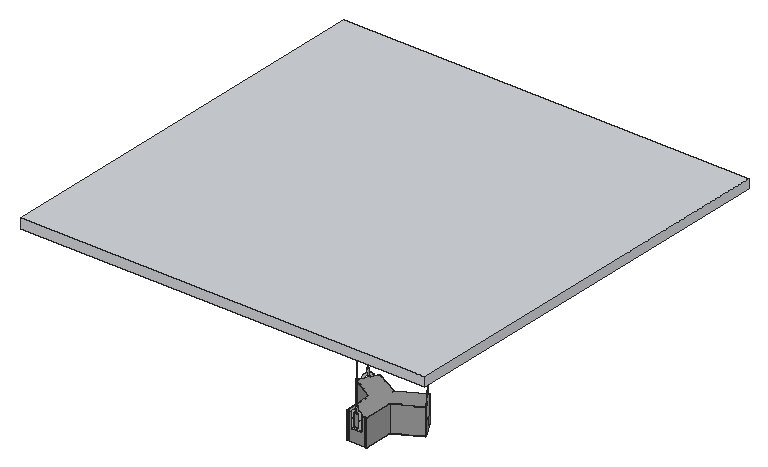
Revit family "LA2C-Fork", category Lighting Fixtures, host Face, Revit 2014
Parameters (values of type "Fork")
  Weight = "9 lbs"
  Wattage Comments = "14"
  Wattage = 22 W
  built-in parameter 1150110 = 1 (stored number, unit not read)
  Type Comments = "Stainless steel canopy mounts to\r\nstandard junction box (provided by others)"
  built-in parameter 1114217 = 1 (stored number, unit not read)
  Third [instance] = yes
  built-in parameter 1150109 = 1 (stored number, unit not read)
  built-in parameter 1150134 = (empty or 0)
  built-in parameter 1150113 = 1 (stored number, unit not read)
  Second [instance] = yes
  STANDARDS = "Damp Rated\r\n3-6 week lead time, CSA Approved to UL standards"
  Shade = 3form Varia Ecoresin
  Model = "LA2C"
  Manufacturer = "LightArt"
  Lumens = 1823.8 lm
  built-in parameter 1150115 = 1 (stored number, unit not read)
  built-in parameter 1150105 = 580.53 (stored number, unit not read)
  Light Source Symbol Size = 6"
  built-in parameter 1150137 = (empty or 0)
  built-in parameter 1150139 = (empty or 0)
  built-in parameter 1150112 = 1 (stored number, unit not read)
  built-in parameter 1150114 = 1 (stored number, unit not read)
  LIGHTING = "Solid State LED System\r\n120v-277v input; 24v driver;\r\n0-10v dimming compatible\r\n3000k 81 CRI light source\r\nS - 22w, 1050mA, 1045 lumens"
  Keynote = ""
  Input = "120v-277v"
  built-in parameter 1150132 = (empty or 0)
  built-in parameter 1150102 = (empty or 0)
  built-in parameter 1150138 = (empty or 0)
  built-in parameter 1150107 = 3000 (stored number, unit not read)
  built-in parameter 1150106 = 5.8053 (stored number, unit not read)
  Height From Face = 50"
  Height = 8"
  Hardware = Stainless Steel Cables
  HARDWARE_2 = "Removable powder coated lid\r\nStainless steel canopy mounts to\r\nstandard junction box (provided by others)\r\n(3-4) 3/64” stainless steel cables to canopy\r\nSilver power cord to canopy\r\nAdjustable 24”-96” suspension"
  First [instance] = yes
  built-in parameter 1150104 = 7.7017 (stored number, unit not read)
  Driver = "24v"
  Dimming Lamp Color Temperature Shift = <None>
  Dimming Compatibility = "0-10v"
  Description = "22w"
  Diffuser = White Opal Acrylic
  Default Elevation [instance] = 48"
  Comments = "This model is for use in spatial massing and rendering. Please contact LightArt for pick-point placement and installation details."
  Color Filter = 16777215
  built-in parameter 1114218 = 1 (stored number, unit not read)
  built-in parameter 1150133 = 10 (stored number, unit not read)
Reference planes (in)
  plane 1 "Light Source Axis (F/B)": y = 0
  plane 2 "Ceiling": z = 0
  plane 3 "Light Source Axis (L/R)": x = 0
  plane 4 "Light Source Elevation": z = -54
  plane 5: z = -58
  plane 6: z = -50
  plane 7: z = 0
Forms (in)
  Extrusion 1, solid
    sketch origin (0, 0, 0) x (1, 0, 0) y (0, 1, 0)
      loop
        line (-60, -60) -> (60, -60) -> (60, 60) -> (-60, 60) -> (-60, -60)
    from 0 to 2.7863
  Extrusion 2, solid, material "3form Varia Ecoresin" <- "Shade", detail levels medium+fine
    sketch origin (7.78189, -12.96553, -96) x (0.999848, -0.017452, 0) y (0.017452, 0.999848, 0)
      loop
        line (-0.81011, 20.54548) -> (-8.06287, 16.18758) -> (-15.58513, 20.35724) -> (-15.86079, 19.85994) -> (-15.79015, 19.82237) -> (-15.55586, 20.24504) -> (-8.07566, 16.0987) -> (-0.84123, 20.44558) -> (-0.5838, 20.01715) -> (-0.51683, 20.05739) -> (-0.81011, 20.54548)
      loop
        line (2.28012, 15.40248) -> (1.99041, 15.88463) -> (1.92345, 15.8444) -> (2.17349, 15.42826) -> (-5.06952, 11.07622) -> (-4.92317, 2.69193) -> (-5.42309, 2.6832) -> (-5.422, 2.62071) -> (-4.85267, 2.63065) -> (-4.99925, 11.02859) -> (2.28012, 15.40248)
      loop
        line (-10.79018, 2.58952) -> (-10.93685, 10.9922) -> (-18.39363, 15.12556) -> (-18.1506, 15.56401) -> (-18.22124, 15.60157) -> (-18.49399, 15.10952) -> (-10.99888, 10.95492) -> (-10.85175, 2.52594) -> (-10.28934, 2.53575) -> (-10.29043, 2.59824) -> (-10.79018, 2.58952)
    from 38.125 to 45.875
  Extrusion 3, solid, material "White Opal Acrylic" <- "Diffuser", detail levels medium+fine
    sketch origin (7.78189, -12.96553, -96) x (0.999848, -0.017452, 0) y (0.017452, 0.999848, 0)
      loop
        line (-8.06287, 16.18758) -> (-15.58513, 20.35724) -> (-18.49399, 15.10952) -> (-10.99888, 10.95492) -> (-10.85175, 2.52594) -> (-4.85267, 2.63065) -> (-4.99925, 11.02859) -> (2.28012, 15.40248) -> (-0.81011, 20.54548) -> (-8.06287, 16.18758)
    from 38 to 38.125
  Extrusion 4, solid, material "3form Varia Ecoresin" <- "Shade", detail levels coarse
    sketch origin (7.78189, -12.96553, -96) x (0.999848, -0.017452, 0) y (0.017452, 0.999848, 0)
      loop
        line (-10.85175, 2.52594) -> (-4.85267, 2.63065) -> (-4.99925, 11.02859) -> (2.28012, 15.40248) -> (-0.81011, 20.54548) -> (-8.06287, 16.18758) -> (-15.58513, 20.35724) -> (-18.49399, 15.10952) -> (-10.99888, 10.95492) -> (-10.85175, 2.52594)
    from 38 to 46
  Extrusion 5, solid, material "White Opal Acrylic" <- "Diffuser", detail levels medium+fine
    sketch origin (7.78189, -12.96553, -96) x (0.999848, -0.017452, 0) y (0.017452, 0.999848, 0)
      loop
        line (1.99041, 15.88463) -> (-0.51683, 20.05739) -> (-0.5838, 20.01715) -> (1.92345, 15.8444) -> (1.99041, 15.88463)
      loop
        line (-15.85995, 19.86146) -> (-18.22129, 15.6015) -> (-18.15132, 15.56271) -> (-15.79103, 19.82078) -> (-15.85995, 19.86146)
      loop
        line (-10.29043, 2.59824) -> (-10.28934, 2.53575) -> (-5.422, 2.62071) -> (-5.42309, 2.6832) -> (-10.29043, 2.59824)
    from 38.125 to 45.875
  Extrusion 6, solid, material "White Opal Acrylic" <- "Diffuser", detail levels medium+fine
    sketch origin (7.78189, -12.96553, -122.15329) x (0.999848, -0.017452, 0) y (0.017452, 0.999848, 0)
      loop
        line (-10.99888, 10.95492) -> (-10.85175, 2.52594) -> (-4.85267, 2.63065) -> (-4.99925, 11.02859) -> (2.28012, 15.40248) -> (-0.81011, 20.54548) -> (-8.06287, 16.18758) -> (-15.58513, 20.35724) -> (-18.49399, 15.10952) -> (-10.99888, 10.95492)
    from 72.02829 to 72.15329
Cuts and joins
  joined: Extrusion 3, Extrusion 5
Lines and regions (in)
  symbolic lines
    curve 1: line (7.33048, 7.59096, -96) -> (0.00277, 3.3603, -96)
    curve 2: line (10.33048, 2.39481, -96) -> (7.33048, 7.59096, -96)
    curve 3: line (2.97588, -1.85137, -96) -> (10.33048, 2.39481, -96)
    curve 4: line (2.97588, -10.25059, -96) -> (2.97588, -1.85137, -96)
    curve 5: line (-3.02412, -10.25059, -96) -> (2.97588, -10.25059, -96)
    curve 6: line (-3.02412, -1.82033, -96) -> (-3.02412, -10.25059, -96)
    curve 7: line (-10.44558, 2.46446, -96) -> (-3.02412, -1.82033, -96)
    curve 8: line (-7.44558, 7.66061, -96) -> (-10.44558, 2.46446, -96)
    curve 9: line (0.00277, 3.3603, -96) -> (-7.44558, 7.66061, -96)
Dimensions and locks (in)
  "Height": plane 6 to plane 5
  equal spacing: plane 6, plane 4 "Light Source Elevation", plane 5
  "Height From Face": plane 2 "Ceiling" to plane 6
  locked: Extrusion 3 to Extrusion 3 at 0.125
  locked: Extrusion 6 to Extrusion 6 at 0.125
  aligned and locked: plane 4 "Light Source Elevation" to imposter light
  aligned and locked: Extrusion 2 to Extrusion 3
  aligned and locked: Extrusion 2 to Extrusion 5  (x2)
  aligned and locked: Extrusion 2 to Extrusion 6
  aligned and locked: imposter light to plane 1 "Light Source Axis (F/B)"
  aligned and locked: plane 6 to Extrusion 6
  aligned and locked: plane 6 to Extrusion 4
  aligned and locked: Extrusion 3 to plane 5
  aligned and locked: nested 2 to plane 6
  aligned and locked: plane 6 to nested 3
  aligned and locked: nested 1 to plane 6
  aligned and locked: Extrusion 4 to plane 5
Automatic sketch dimensions
  Extrusion 1 sketch curve to Extrusion 1 sketch curve = 120"  (x2)
  Extrusion 3 sketch curve to plane 1 "Light Source Axis (F/B)" = 2.46446"
  Extrusion 3 sketch curve to plane 3 "Light Source Axis (L/R)" = 10.44558"
  Extrusion 3 sketch curve to Extrusion 3 sketch curve = 2.90886"
  Extrusion 3 sketch curve to Extrusion 3 sketch curve = 7.49511"
  Extrusion 3 sketch curve to Extrusion 3 sketch curve = 0.14713"
  Extrusion 3 sketch curve to Extrusion 3 sketch curve = 2.93601"
  Extrusion 3 sketch curve to Extrusion 3 sketch curve = 3.06362"
  Extrusion 3 sketch curve to Extrusion 3 sketch curve = 5.99909"
  Extrusion 3 sketch curve to Extrusion 3 sketch curve = 7.25276"
  Extrusion 3 sketch curve to Extrusion 3 sketch curve = 3.09023"
  Extrusion 3 sketch curve to Extrusion 3 sketch curve = 4.08094"
  Extrusion 3 sketch curve to Extrusion 3 sketch curve = 0.07367"
  Extrusion 3 sketch curve to Extrusion 3 sketch curve = 4.37389"
  Extrusion 3 sketch curve to Extrusion 3 sketch curve = 5.24772"
  Extrusion 4 sketch curve to plane 1 "Light Source Axis (F/B)" = 2.46446"
  Extrusion 4 sketch curve to plane 3 "Light Source Axis (L/R)" = 10.44558"
  Extrusion 4 sketch curve to Extrusion 4 sketch curve = 2.90886"
  Extrusion 4 sketch curve to Extrusion 4 sketch curve = 7.49511"
  Extrusion 4 sketch curve to Extrusion 4 sketch curve = 0.14713"
  Extrusion 4 sketch curve to Extrusion 4 sketch curve = 2.93601"
  Extrusion 4 sketch curve to Extrusion 4 sketch curve = 3.06362"
  Extrusion 4 sketch curve to Extrusion 4 sketch curve = 5.99909"
  Extrusion 4 sketch curve to Extrusion 4 sketch curve = 7.25276"
  Extrusion 4 sketch curve to Extrusion 4 sketch curve = 3.09023"
  Extrusion 4 sketch curve to Extrusion 4 sketch curve = 4.08094"
  Extrusion 4 sketch curve to Extrusion 4 sketch curve = 0.07367"
  Extrusion 4 sketch curve to Extrusion 4 sketch curve = 4.37389"
  Extrusion 4 sketch curve to Extrusion 4 sketch curve = 5.24772"
  Extrusion 6 sketch curve to plane 1 "Light Source Axis (F/B)" = 2.46446"
  Extrusion 6 sketch curve to plane 3 "Light Source Axis (L/R)" = 10.44558"
  Extrusion 6 sketch curve to Extrusion 6 sketch curve = 2.90886"
  Extrusion 6 sketch curve to Extrusion 6 sketch curve = 7.49511"
  Extrusion 6 sketch curve to Extrusion 6 sketch curve = 0.14713"
  Extrusion 6 sketch curve to Extrusion 6 sketch curve = 2.93601"
  Extrusion 6 sketch curve to Extrusion 6 sketch curve = 3.06362"
  Extrusion 6 sketch curve to Extrusion 6 sketch curve = 5.99909"
  Extrusion 6 sketch curve to Extrusion 6 sketch curve = 7.25276"
  Extrusion 6 sketch curve to Extrusion 6 sketch curve = 3.09023"
  Extrusion 6 sketch curve to Extrusion 6 sketch curve = 4.08094"
  Extrusion 6 sketch curve to Extrusion 6 sketch curve = 0.07367"
  Extrusion 6 sketch curve to Extrusion 6 sketch curve = 4.37389"
  Extrusion 6 sketch curve to Extrusion 6 sketch curve = 5.24772"
  Extrusion 2 sketch curve to plane 1 "Light Source Axis (F/B)" = 2.46446"
  Extrusion 2 sketch curve to Extrusion 2 sketch curve = 0.10036"
  Extrusion 2 sketch curve to Extrusion 2 sketch curve = 0.17239"
  Extrusion 2 sketch curve to Extrusion 2 sketch curve = 2.2898"
  Extrusion 2 sketch curve to Extrusion 2 sketch curve = 0.27566"
  Extrusion 2 sketch curve to Extrusion 2 sketch curve = 0.02927"
  Extrusion 2 sketch curve to Extrusion 2 sketch curve = 0.06203"
  Extrusion 2 sketch curve to Extrusion 2 sketch curve = 0.14713"
  Extrusion 2 sketch curve to Extrusion 2 sketch curve = 0.06157"
  Extrusion 2 sketch curve to Extrusion 2 sketch curve = 0.49975"
  Extrusion 2 sketch curve to Extrusion 2 sketch curve = 0.00109"  (x2)
  Extrusion 2 sketch curve to Extrusion 2 sketch curve = 2.86119"
  Extrusion 2 sketch curve to Extrusion 2 sketch curve = 0.01279"
  Extrusion 2 sketch curve to Extrusion 2 sketch curve = 4.86734"
  Extrusion 2 sketch curve to Extrusion 2 sketch curve = 3.00614"
  Extrusion 2 sketch curve to Extrusion 2 sketch curve = 0.07026"
  Extrusion 2 sketch curve to Extrusion 2 sketch curve = 0.49992"
  Extrusion 2 sketch curve to Extrusion 2 sketch curve = 0.0705"
  Extrusion 2 sketch curve to Extrusion 2 sketch curve = 7.22164"
  Extrusion 2 sketch curve to Extrusion 2 sketch curve = 0.03112"
  Extrusion 2 sketch curve to Extrusion 2 sketch curve = 0.25743"
  Extrusion 2 sketch curve to Extrusion 2 sketch curve = 0.06697"  (x2)
  Extrusion 2 sketch curve to Extrusion 2 sketch curve = 2.50725"
  Extrusion 2 sketch curve to Extrusion 2 sketch curve = 0.25004"
  Extrusion 2 sketch curve to Extrusion 2 sketch curve = 0.10663"
  Extrusion 2 sketch curve to Extrusion 2 sketch curve = 4.0333"
  Extrusion 2 sketch curve to Extrusion 2 sketch curve = 0.04763"
  Extrusion 2 sketch curve to Extrusion 2 sketch curve = 0.08402"
  Extrusion 2 sketch curve to Extrusion 2 sketch curve = 0.03728"
  Extrusion 2 sketch curve to Extrusion 2 sketch curve = 0.08888"
  Extrusion 2 sketch curve to Extrusion 2 sketch curve = 4.25837"
  Extrusion 2 sketch curve to Extrusion 2 sketch curve = 0.03756"  (x2)
  Extrusion 2 sketch curve to Extrusion 2 sketch curve = 0.07065"  (x2)
  Extrusion 2 sketch curve to plane 3 "Light Source Axis (L/R)" = 10.44558"
  Extrusion 2 sketch curve to Extrusion 2 sketch curve = 0.1122"
  Extrusion 2 sketch curve to Extrusion 2 sketch curve = 0.01604"
  Extrusion 5 sketch curve to plane 1 "Light Source Axis (F/B)" = 2.9516"
  Extrusion 5 sketch curve to plane 3 "Light Source Axis (L/R)" = 10.16433"
  Extrusion 5 sketch curve to Extrusion 5 sketch curve = 2.36134"
  Extrusion 5 sketch curve to Extrusion 5 sketch curve = 7.93086"
  Extrusion 5 sketch curve to Extrusion 5 sketch curve = 0.00109"
  Extrusion 5 sketch curve to Extrusion 5 sketch curve = 4.86734"
  Extrusion 5 sketch curve to Extrusion 5 sketch curve = 15.27615"
  Extrusion 5 sketch curve to Extrusion 5 sketch curve = 0.06697"
  Extrusion 5 sketch curve to Extrusion 5 sketch curve = 2.50725"
  Extrusion 5 sketch curve to Extrusion 5 sketch curve = 12.91829"
  Extrusion 5 sketch curve to Extrusion 5 sketch curve = 0.06249"
  Extrusion 5 sketch curve to Extrusion 5 sketch curve = 13.16119"
  Extrusion 5 sketch curve to Extrusion 5 sketch curve = 0.04024"
  Extrusion 5 sketch curve to Extrusion 5 sketch curve = 0.06997"
  Extrusion 5 sketch curve to Extrusion 5 sketch curve = 0.06892"
  Extrusion 5 sketch curve to Extrusion 5 sketch curve = 0.04068"
  curve 8 to plane 1 "Light Source Axis (F/B)" = 2.46446"
  curve 7 to curve 9 = 3"
  curve 6 to plane 3 "Light Source Axis (L/R)" = 3.02412"
  plane 3 "Light Source Axis (L/R)" to curve 9 = 0.00277"
  plane 3 "Light Source Axis (L/R)" to curve 3 = 2.97588"
  plane 3 "Light Source Axis (L/R)" to curve 2 = 7.33048"
  curve 1 to curve 2 = 3"
  plane 1 "Light Source Axis (F/B)" to curve 7 = 1.82033"
  curve 5 to curve 6 = 8.43026"
  curve 9 to plane 3 "Light Source Axis (L/R)" = 7.44558"
  plane 1 "Light Source Axis (F/B)" to curve 4 = 1.85137"
Nested families (in)
  nested 1: "Steel Cable" at (0.02201, -10.25059, -54.43947), visible <- "Second", type "Steel Cable"
    with Height 50"
  nested 2: "Steel Cable" at (8.83237, 4.9896, -54.43947) x (-0.5, 0.866, 0) z (0, 0, 1), visible <- "First", type "Steel Cable"
    with Height 50"
  nested 3: "Steel Cable" at (-8.94558, 5.06253, -54.43947) x (0.5, 0.866, 0) z (0, 0, 1), visible <- "Third", type "Steel Cable"
    with Height 50"
Definition of nested family "Steel Cable"
  Parameters (values of type "Steel Cable")
    Material = none
    Height = 33"
  Reference planes (in)
    plane 1 "Center (Front/Back)": y = 0
    plane 2: z = 0
    plane 3 "Center (Left/Right)": x = 0
    plane 4: z = 37.43947
    plane 5: z = 4.43947
  Forms (in)
    Extrusion 1, solid, material <- "Material"
      sketch origin (0, 0.06249, 0) x (1, 0, 0) y (0, 0, 1)
        loop
          line (1.57721, 0.38519) -> (1.57724, 4.43947)
          arc (1.57724, 4.43947) -> (0.00944, 5.56119) -> (-1.55836, 4.43947) r 1.6565
          line (-1.55836, 4.43947) -> (-1.55836, 0.38522)
          arc (-1.55836, 0.38522) -> (-1.44553, 0.11283) -> (-1.17314, 0) r 0.38522
          line (-1.17314, 0) -> (1.22175, 0)
          arc (1.22175, 0) -> (1.48393, 0.11467) -> (1.57721, 0.38519) r 0.3563
        loop
          line (0.77208, 1.06174) -> (0.77208, 4.56174)
          arc (0.77208, 4.56174) -> (0.01304, 5.07935) -> (-0.74601, 4.56174) r 0.81536
          line (-0.74601, 4.56174) -> (-0.74601, 1.06174)
          arc (-0.74601, 1.06174) -> (-0.6556, 0.74869) -> (-0.3594, 0.61289) r 0.39093
          line (-0.3594, 0.61289) -> (0.38558, 0.61289)
          arc (0.38558, 0.61289) -> (0.68174, 0.7487) -> (0.77208, 1.06174) r 0.39083
        loop
          circle (1.14945, 2.9859) r 0.08234
        loop
          circle (-1.13782, 2.9859) r 0.08234
        loop
          circle (1.14945, 0.37768) r 0.08234
        loop
          circle (-1.13782, 0.37768) r 0.08234
      from 0 to 0.125
    Revolve 2, solid, material <- "Material"
      sketch origin (0, 0.00119, 0) x (1, 0, 0) y (0, 0, 1)
        loop
          line (0, 6.85243) -> (0, 5.09501) -> (0.15937, 5.09501) -> (0.15937, 6.61585) -> (0.08845, 6.61585) -> (0.08845, 6.85243) -> (0, 6.85243)
        axis (0, 6.85243) -> (0, 5.09501)
      angle from 0 to 360
    Extrusion 3, solid, material <- "Material"
      sketch origin (0, 0.06249, 0) x (1, 0, 0) y (0, 1, 0)
        loop
          circle (0, -0.06153) r 0.04688
      from 6.85243 to 37.43947
  Dimensions and locks (in)
    "Height": plane 4 to plane 5
    locked: level to plane 5 at 4.43947
    aligned and locked: plane 2 to level
    aligned and locked: Extrusion 3 to Revolve 2
    aligned and locked: Extrusion 3 to plane 4
  Automatic sketch dimensions
    Extrusion 1 sketch curve to level = 0"
    Extrusion 1 sketch curve to plane 3 "Center (Left/Right)" = 1.55836"
    Extrusion 1 sketch curve to Extrusion 1 sketch curve = 0.38522"
    Extrusion 1 sketch curve to plane 3 "Center (Left/Right)" = 1.13782"
    Extrusion 1 sketch curve to Extrusion 1 sketch curve = 0.03532"
    Extrusion 1 sketch curve to plane 3 "Center (Left/Right)" = 0.74601"
    Extrusion 1 sketch curve to plane 3 "Center (Left/Right)" = 0.3594"
    plane 3 "Center (Left/Right)" to Extrusion 1 sketch curve = 0.00944"
    plane 3 "Center (Left/Right)" to Extrusion 1 sketch curve = 0.01304"
    plane 3 "Center (Left/Right)" to Extrusion 1 sketch curve = 0.38558"
    Extrusion 1 sketch curve to Extrusion 1 sketch curve = 0.3865"
    level to Extrusion 1 sketch curve = 0.37768"
    Extrusion 1 sketch curve to Extrusion 1 sketch curve = 0.37736"
    plane 3 "Center (Left/Right)" to Extrusion 1 sketch curve = 1.14945"
    Extrusion 1 sketch curve to Extrusion 1 sketch curve = 0.07231"
    Extrusion 1 sketch curve to Extrusion 1 sketch curve = 0.07264"
    level to Extrusion 1 sketch curve = 0.38519"
    Extrusion 1 sketch curve to Extrusion 1 sketch curve = 0.35512"
    Extrusion 1 sketch curve to Extrusion 1 sketch curve = 0.80516"
    Extrusion 1 sketch curve to Extrusion 1 sketch curve = 0.00753"
    level to Extrusion 1 sketch curve = 0.61289"
    Extrusion 1 sketch curve to Extrusion 1 sketch curve = 0.39083"
    Extrusion 1 sketch curve to Extrusion 1 sketch curve = 0.39093"
    Extrusion 1 sketch curve to Extrusion 1 sketch curve = 1.92416"  (x2)
    Extrusion 1 sketch curve to Extrusion 1 sketch curve = 0.91878"
    Extrusion 1 sketch curve to Extrusion 1 sketch curve = 0.35931"
    Extrusion 1 sketch curve to Extrusion 1 sketch curve = 1.45357"
    Extrusion 1 sketch curve to Extrusion 1 sketch curve = 0.29774"
    Revolve 2 sketch curve to plane 3 "Center (Left/Right)" = 0"  (x2)
    plane 3 "Center (Left/Right)" to Revolve 2 sketch curve = 0.08845"
    plane 3 "Center (Left/Right)" to Revolve 2 sketch curve = 0.15937"
    level to Revolve 2 sketch curve = 5.09501"
    Revolve 2 sketch curve to Revolve 2 sketch curve = 1.52084"
    Revolve 2 sketch curve to Revolve 2 sketch curve = 0.23658"
    Revolve 2 sketch curve to Revolve 2 sketch curve = 0.45184"
    Revolve 2 sketch curve to Revolve 2 sketch curve = 0.0858"
    Extrusion 3 sketch curve to plane 3 "Center (Left/Right)" = 0"
    Extrusion 3 sketch curve to plane 1 "Center (Front/Back)" = 0.00096"
    radius of Extrusion 1 sketch curve = 0.08234"  (x4)
    radius of Extrusion 3 sketch curve = 0.04688"
